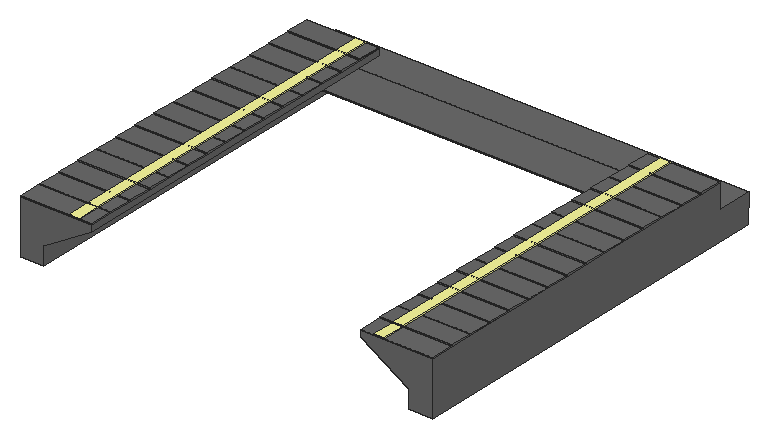
Revit family "Dock_Seal_Nova-Tech_FPU", category Generic Models, Revit 2017
Family settings
  Can host rebar = No
  Round Connector Dimension = Use Diameter
  Part Type = Normal
  OmniClass Number = 23.50.70.11
  OmniClass Title = Dock Bumpers/Seals
  Work Plane-Based = Yes
  Always vertical = No
  Cut with Voids When Loaded = No
  Shared = No
  Room Calculation Point = No
Parameters
  projectionabs [instance] = abs(Projection_Top - Projection_Bottom) / 0' 1"  # 0
  faceangle [instance] = if(Projection_Top > Projection_Bottom, atan(projectionabs / ((Unit Height + Header Height) / 0' 1")), -atan(projectionabs / ((Unit Height + Header Height) / 0' 1")))  # 0.00°
  Warranty Duration (Years) = 0
  Unit Width [instance] = (Opening Width + (Panel Width_Front * 2))  # 11' - 6"
  Unit Height [instance] = 10' - 0"
  Unit Depth [instance] = if(Projection_Top > Projection_Bottom, Projection_Top, Projection_Bottom)  # 1' - 6"
  URL = "http://www.novalocks.com/"
  Test Data = ""
  Specification = "http://arcat.com/arcatcos/cos43/arc43493.html?isac=1&r=2"
  SpecWizard = ""
  Send Message = "http://www.arcat.com/users.pl?action=UserEmail&company=Nova+Technology&coid=43493&rep=132&fax=262-502-1511&mf="
  Sales Information = "http://www.novalocks.com/general-contact-info/"
  Revision = "R1_02-2013"
  Pull Rope System for Drop Curtain [instance] = yes
  Projection_Top [instance] = 1' - 6"
  Projection_Head Pad [instance] = 0' - 10"
  Projection_Bottom [instance] = 1' - 6"
  Product Properties = ""
  Product Data = "http://arcat.com/arcatcos/cos43/arc43493.html?isac=1&r=2"
  Pleat Sizing [instance] = Pleats : 8in Spacing
  Panel Width_Front [instance] = 2' - 0"
  Panel Width_Back = 0' - 8"
  Overall Height [instance] = Unit Height + Header Height  # 11' - 0"
  Opening Width Minimum = 6' - 6"
  Opening Width Maximum = 8' - 6"
  Opening Width [instance] = 7' - 6"
  Opening Height Minimum = 3' - 0"
  Opening Height Maximum = 12' - 0"
  Opening Height [instance] = Unit Height + Header Height  # 11' - 0"
  Model = "As Specified"
  Material = Polyethylene Sheeting - Black
  Manufacturer Website = "http://www.novalocks.com/"
  Manufacturer Phone - Toll Free = "800-236-7325"
  Manufacturer Phone = "262-502-1591"
  Manufacturer Fax = "262-502-1511"
  Manufacturer Address = "N90 W14507 Commerce Dr. Menomonee Falls, WI 53051"
  Manufacturer = "Nova Technology"
  Maintenance Schedule (Months) = 0
  Keynote = "11160"
  Installation-Fabrication = ""
  Installation Phase = ""
  Header Height [instance] = 1' - 0"
  Guide Color = Polyethylene Sheeting - Yellow
  Green Building-LEED = ""
  Full Length Guide Strip [instance] = yes
  Flame Retardant Foam and Fabric [instance] = yes
  Expected Lifespan (Years) = 0
  Drop Curtain [instance] = yes
  Drawn By = "Sumex Design, Inc. / Robert S. Weygant, CSI, CDT, SCIP"
  Description = "Nova Technology Dock Seal as Specified"
  Default Elevation = 4' - 0"
  Curtain Drop [instance] = 1' - 3"
  Copyright = "©Arcat Inc."
  Construction Details = ""
  Building Codes = ""
  Assembly Code = "E1030300"
  Armor Pleats = yes
Reference planes (in)
  plane 1 "Base": y = 0
  plane 2 "Host": z = 0
  plane 3 "Center (Left/Right)": x = 0
  plane 4 "OH": y = 120
  plane 5 "Left": x = -45
  plane 6 "Right": x = 45
  plane 7 "Front": z = 18
  plane 8: x = -69
  plane 9: x = 69
  plane 10: x = -45
  plane 11: x = 45
  plane 12: y = 124
  plane 13: y = 126
  plane 14: y = 132
  plane 15: y = 105
  plane 16: z = 18
  plane 17: z = 18
  plane 18: x = -61
  plane 19: x = 61
Forms (in)
  Extrusion 1, void
    sketch origin (0, 0, 0) x (1, 0, 0) y (0, 0, 1)
      loop
        line (-61, 0) -> (-45, 0) -> (-45, 16) -> (-61, 6) -> (-61, 0)
      loop
        line (61, 0) -> (61, 6) -> (45, 16) -> (45, 0) -> (61, 0)
    from -120 to 0
  Extrusion 2, solid, material "Polyethylene Sheeting - Black" <- "Material"
    sketch origin (0, 0, 0) x (0, 1, 0) y (0, 0, 1)
      loop
        line (0, 0) -> (132, 0) -> (132, 18) -> (0, 18) -> (0, 0)
    from -69 to 69
  Extrusion 3, void
    sketch origin (0, 0, 0) x (0, 1, 0) y (0, 0, 1)
      loop
        line (120, 0) -> (120, 18) -> (0, 18) -> (0, 0) -> (120, 0)
    from -45 to 45
  Extrusion 4, solid, material "Polyethylene Sheeting - Black" <- "Material", visible <- "Drop Curtain"
    sketch origin (0, 0, 0) x (0, 1, 0) y (0, 0, 1)
      loop
        line (120, 10) -> (105, 10) -> (105, 9.80684) -> (120, 9.80684) -> (120, 10)
    from -61 to 61
  Extrusion 5, void
    sketch origin (0, 0, 0) x (0, 1, 0) y (0, 0, 1)
      loop
        line (132, 18) -> (120, 18) -> (120, 10) -> (132, 10) -> (132, 18)
    from -69 to 69
Cuts and joins
  Extrusion 1, Extrusion 3, Extrusion 5 cuts Extrusion 2
  Extrusion 5 cuts Extrusion 4
Lines and regions (in)
  reference lines
    curve 1: line (0, 0, 18) -> (0, 0, 21.45777)
Dimensions and locks (in)
  equal spacing: plane 5 "Left", plane 3 "Center (Left/Right)", plane 6 "Right"
  equal spacing: plane 8, plane 3 "Center (Left/Right)", plane 9
  "Opening Width": plane 5 "Left" to plane 6 "Right"
  "Unit Width": plane 8 to plane 9
  "Unit Height": plane 1 "Base" to plane 4 "OH"
  "Unit Depth": plane 7 "Front" to level
  locked: plane 13 to plane 12 at 2
  "Panel Width_Front": plane 8 to plane 10
  "Panel Width_Front": plane 11 to plane 9
  "Header Height": plane 14 to plane 4 "OH"
  locked: plane 12 to plane 4 "OH" at 4
  "Curtain Drop": plane 4 "OH" to plane 15
  "Projection_Top": plane 16 to level
  "Projection_Bottom": plane 17 to level
  "Panel Width_Back": Extrusion 1 sketch curve to plane 8
  locked: Extrusion 1 sketch curve to level at 6  (x2)
  "Panel Width_Back": plane 9 to Extrusion 1 sketch curve
  locked: plane 17 to Extrusion 1 sketch curve at 2  (x2)
  "Projection_Head Pad": Extrusion 5 sketch curve to level
  "Projection_Head Pad": Extrusion 4 sketch curve to level
  locked: Extrusion 4 sketch curve to Extrusion 4 sketch curve at 0.19316
  "Panel Width_Back": plane 8 to plane 18
  "Panel Width_Back": plane 19 to plane 9
  "faceangle": angle plane 4 "OH" to curve 1
  aligned and locked: plane 10 to Extrusion 1 sketch curve
  aligned and locked: plane 11 to Extrusion 1 sketch curve
  aligned and locked: plane 4 "OH" to Extrusion 1
  aligned and locked: plane 1 "Base" to Extrusion 1
  aligned and locked: plane 1 "Base" to Extrusion 2 sketch curve
  aligned and locked: Extrusion 2 sketch curve to level
  aligned and locked: plane 9 to Extrusion 2
  aligned and locked: plane 14 to Extrusion 2 sketch curve  (x2)
  aligned and locked: plane 16 to Extrusion 2 sketch curve
  aligned and locked: Extrusion 2 to plane 8
  aligned and locked: Extrusion 3 sketch curve to level
  aligned and locked: plane 4 "OH" to Extrusion 3 sketch curve
  aligned and locked: Extrusion 3 sketch curve to plane 7 "Front"
  aligned and locked: plane 1 "Base" to Extrusion 3 sketch curve
  aligned and locked: plane 11 to Extrusion 3
  aligned and locked: Extrusion 3 to plane 10
  aligned and locked: plane 9 to nested 2
  aligned and locked: plane 17 to Extrusion 2 sketch curve
  aligned and locked: plane 8 to nested 1
  aligned and locked: nested 1 to cut or joined group of Extrusion 1, Extrusion 2, Extrusion 3, Extrusion 5
  aligned and locked: plane 17 to curve 1
  aligned and locked: plane 4 "OH" to Extrusion 4 sketch curve
  aligned and locked: Extrusion 4 sketch curve to plane 15
  aligned and locked: Extrusion 5 sketch curve to plane 14
  aligned and locked: plane 4 "OH" to Extrusion 5 sketch curve
  aligned and locked: plane 7 "Front" to Extrusion 5 sketch curve
  aligned and locked: plane 9 to Extrusion 5
  aligned and locked: Extrusion 5 to plane 8
  aligned and locked: Extrusion 4 to plane 18
  aligned and locked: plane 19 to Extrusion 4
  aligned and locked: plane 1 "Base" to curve 1
  aligned and locked: nested 2 to curve 1
  aligned and locked: nested 1 to curve 1
Automatic sketch dimensions
  Extrusion 1 sketch curve to level = 0' - 0"  (x2)
Nested families (in)
  nested 1: "Pleats" at (-69, 0, 18), visible <- "Armor Pleats", Width <- "Panel Width_Front", Unit Height <- "Unit Height", Full Length Guide Strip <- "Full Length Guide Strip", type <- "Pleat Sizing", type "8in Spacing"
    with Width 2' - 0", Unit Height 10' - 0", Remainder 0' - 0", Pleatscount 13.9, Pleats 14, Last Pleat 0' - 8", Guide Strip Length 10' - 0", Full Length Guide Strip yes, Pleat Spacing 0' - 8"
  nested 2: "Pleats" at (69, 0, 18) x (-1, 0, 0) z (0, 0, 1), visible <- "Armor Pleats", Width <- "Panel Width_Front", Unit Height <- "Unit Height", Full Length Guide Strip <- "Full Length Guide Strip", type <- "Pleat Sizing", type "8in Spacing"
    with Width 2' - 0", Unit Height 10' - 0", Remainder 0' - 0", Pleatscount 13.9, Pleats 14, Last Pleat 0' - 8", Guide Strip Length 10' - 0", Full Length Guide Strip yes, Pleat Spacing 0' - 8"
Definition of nested family "Pleats"
  Parameters
    Width [instance] = 1' - 0"
    Unit Height [instance] = 10' - 0"
    Pleatscount [instance] = (Unit Height / Pleat Spacing) - 1.1  # 6.4
    Pleats [instance] = Pleatscount  # 6
    Pleat Spacing = 1' - 4"
    Material = none
    Remainder [instance] = Unit Height - ((Pleats + 1) * (Pleat Spacing / 0' 1")) * 0' 1"  # 0' - 8"
    Last Pleat [instance] = if(Remainder = 0' 0", Pleat Spacing, Remainder)  # 0' - 8"
    Guide Strip Length [instance] = if(Full Length Guide Strip, Unit Height, 2' 0")  # 10' - 0"
    Guide Strip = none
    Full Length Guide Strip [instance] = yes
    Default Elevation = 4' - 0"
    Assembly Code = ""
    Armor Pleats = yes
  Reference planes (in)
    plane 1 "Center (Front/Back)": y = 0
    plane 2: z = 0
    plane 3 "Center (Left/Right)": x = 0
    plane 4: x = 12
    plane 5: y = 120
    plane 6: y = 16
  Forms (in)
    Extrusion 1, solid, material <- "Material", visible <- "Armor Pleats"
      sketch origin (0, 0, 0) x (0, 1, 0) y (0, 0, 1)
        loop
          line (0, 0) -> (16, 0) -> (16, 0.25) -> (0, 0.25) -> (0, 0)
      from 0 to 12
    Extrusion 2, solid, material <- "Material", visible <- "Armor Pleats"
      sketch origin (0, 0, 0) x (0, 1, 0) y (0, 0, 1)
        loop
          line (112, 0) -> (120, 0) -> (120, 0.25) -> (112, 0.5) -> (112, 0)
      from 0 to 12
    Extrusion 3, solid, material <- "Guide Strip"
      sketch origin (0, 0, 0) x (0, 1, 0) y (0, 0, 1)
        loop
          line (0, 0.25) -> (120, 0.25) -> (120, 0.56422) -> (15.875, 0.56422) -> (15.875, 0.375) -> (0, 0.375) -> (0, 0.25)
      from 4.25 to 7.75
  Lines and regions (in)
    model lines
      curve 1: line (0, 0, 0) -> (0, 0, 0.25)
      curve 2: line (0, 0, 0) -> (0, 9, 0)
  Dimensions and locks (in)
    "Width": plane 3 "Center (Left/Right)" to plane 4
    equal spacing: group 1, group 2, group 3, group 4, group 5, group 6  (x3)
    "Pleat Spacing": plane 1 "Center (Front/Back)" to Extrusion 1 sketch curve
    "Unit Height": plane 1 "Center (Front/Back)" to plane 5
    "Last Pleat": Extrusion 2 sketch curve to plane 5
    "Pleat Spacing": nested 1 to nested 2
    "Pleat Spacing": plane 1 "Center (Front/Back)" to nested 1
    "Pleat Spacing": plane 1 "Center (Front/Back)" to plane 6
    locked: Extrusion 3 sketch curve to plane 6 at 0.125
    Extrusion 3 to Extrusion 3 to plane 4 = 0' - 3 1/2" locked, 0' - 4 1/4" locked
    "Guide Strip Length": plane 1 "Center (Front/Back)" to Extrusion 3 sketch curve
    aligned and locked: plane 3 "Center (Left/Right)" to nested 1
    aligned and locked: plane 4 to nested 1
    aligned and locked: plane 3 "Center (Left/Right)" to nested 2
    aligned and locked: plane 4 to nested 2
    aligned and locked: Extrusion 1 to plane 4
    aligned and locked: plane 5 to Extrusion 2 sketch curve
    aligned and locked: plane 4 to Extrusion 2
    aligned and locked: Extrusion 2 to plane 3 "Center (Left/Right)"
  Automatic sketch dimensions
    curve 1 to plane 1 "Center (Front/Back)" = 0' - 0"
    curve 2 to level = 0' - 0"
    curve 1 to curve 2 = 0' - 9"
    curve 1 to curve 1 = 0' - 0 1/4"
    Extrusion 1 sketch curve to level = 0' - 0"
    level to Extrusion 1 sketch curve = 0' - 0 1/4"
    Extrusion 1 sketch curve to plane 1 "Center (Front/Back)" = 0' - 0"
    Extrusion 2 sketch curve to level = 0' - 0"
    level to Extrusion 2 sketch curve = 0' - 0 1/4"
    level to Extrusion 2 sketch curve = 0' - 0 1/2"
    Extrusion 3 sketch curve to plane 1 "Center (Front/Back)" = 0' - 0"
    level to Extrusion 3 sketch curve = 0' - 0.56422"
    Extrusion 3 sketch curve to Extrusion 3 sketch curve = 0' - 0.18922"
    Extrusion 3 sketch curve to Extrusion 3 sketch curve = 0' - 0 1/8"
  Nested families (in)
    nested 1: "Pleat" at (0, 16, 0), Width <- "Width", visible <- "Armor Pleats", Mat <- "Material", Pleat Spacing <- "Pleat Spacing", type "Pleat"
      with Width 1' - 0", Pleat Spacing 1' - 4", Mat none
    nested 2: "Pleat" at (0, 32, 0), Width <- "Width", visible <- "Armor Pleats", Mat <- "Material", Pleat Spacing <- "Pleat Spacing", type "Pleat"
      with Width 1' - 0", Pleat Spacing 1' - 4", Mat none
    nested 3: "Pleat" at (0, 48, 0), Width <- "Width", visible <- "Armor Pleats", Mat <- "Material", Pleat Spacing <- "Pleat Spacing", type "Pleat"
      with Width 1' - 0", Pleat Spacing 1' - 4", Mat none
    nested 4: "Pleat" at (0, 64, 0), Width <- "Width", visible <- "Armor Pleats", Mat <- "Material", Pleat Spacing <- "Pleat Spacing", type "Pleat"
      with Width 1' - 0", Pleat Spacing 1' - 4", Mat none
    nested 5: "Pleat" at (0, 80, 0), Width <- "Width", visible <- "Armor Pleats", Mat <- "Material", Pleat Spacing <- "Pleat Spacing", type "Pleat"
      with Width 1' - 0", Pleat Spacing 1' - 4", Mat none
    nested 6: "Pleat" at (0, 96, 0), Width <- "Width", visible <- "Armor Pleats", Mat <- "Material", Pleat Spacing <- "Pleat Spacing", type "Pleat"
      with Width 1' - 0", Pleat Spacing 1' - 4", Mat none
  Definition of nested family "Pleat"
    Parameters
      Width [instance] = 1' - 0"
      Pleat Spacing [instance] = 0' - 8"
      Mat [instance] = none
      Armor Pleats = yes
    Reference planes (in)
      plane 1 "Center (Front/Back)": y = 0
      plane 2: z = 0
      plane 3 "Center (Left/Right)": x = 0
      plane 4: x = 12
    Forms (in)
      Extrusion 1, solid, material <- "Mat"
        sketch origin (0, -9, 0) x (0, 1, 0) y (0, 0, 1)
          loop
            line (9, 0) -> (17, 0) -> (17, 0.21875) -> (9, 0.4375) -> (9, 0)
        from 0 to 12
    Dimensions and locks (in)
      "Width": plane 3 "Center (Left/Right)" to plane 4
      "Pleat Spacing": Extrusion 1 sketch curve to Extrusion 1 sketch curve
      aligned and locked: Extrusion 1 to plane 4
      aligned and locked: Extrusion 1 to plane 3 "Center (Left/Right)"
    Automatic sketch dimensions
      Extrusion 1 sketch curve to plane 1 "Center (Front/Back)" = 0' - 0"
      Extrusion 1 sketch curve to level = 0' - 0"
      Extrusion 1 sketch curve to Extrusion 1 sketch curve = 0' - 0 7/16"
      level to Extrusion 1 sketch curve = 0' - 0 7/32"
